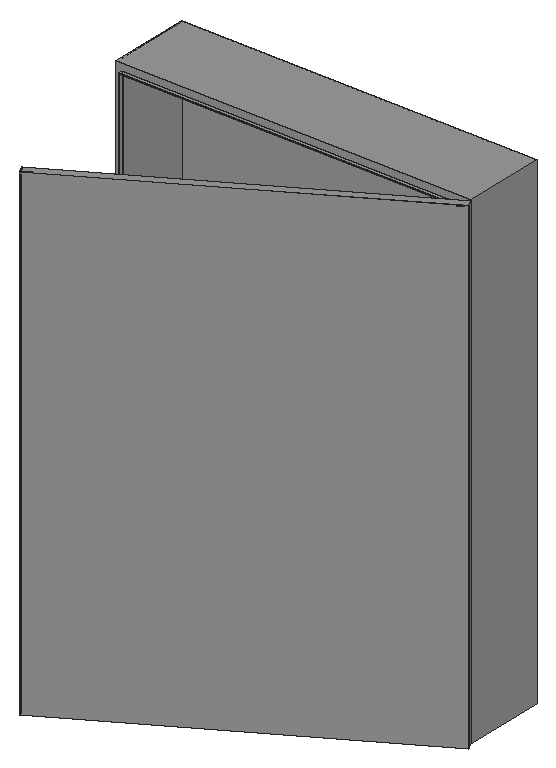
Revit family "Hager-Univers-IP44-D205-H1100-Cl.II-Encl-NoHosted-BE-fr", category Electrical Equipment, Revit 2020
Family settings
  Panel Configuration = Two Columns, Circuits Across
  Round Connector Dimension = Use Diameter
  Part Type = Panelboard
  Work Plane-Based = Yes
  Always vertical = Yes
  Cut with Voids When Loaded = No
  Shared = No
  Room Calculation Point = No
Parameters (values of type "saillie IP44 L800 H1100 P205  - FP73QS")
  Width Control [instance] = if([EF000008 - largeur] > Min Width, [EF000008 - largeur], Min Width)  # 800 mm
  Type Comments = [HG000003 - Gamme]  # "Univers"
  Thickness Door [instance] = if([EF009171 - épaisseur de matériau de la porte/du couvercle] > 3 mm, 3 mm, [EF009171 - épaisseur de matériau de la porte/du couvercle])  # 1 mm
  Seal Frame Offset [instance] = 17 mm  # constant formula
  Plinth Visibility [instance] = [HG000027 - Hauteur du socle] > 0 mm  # no
  Min Width [instance] = 100 mm  # constant formula
  Min Depth [instance] = (2 * [EF009170 - épaisseur de matériau du boîtier]) + 1 mm  # 3 mm
  Min Height [instance] = 100 mm  # constant formula
  Internal Frame Depth [instance] = (Door System Depth * 0.5)  # 9 mm
  Panel Name [instance] = ""  # (empty or 0)
  Model = ""
  HG000027 - Hauteur du socle = 0 mm
  HG000026 - Installation au sol = no
  HG000024 - Hauteur de la section basse = 600 mm
  HG000023 - Armoire double section = no
  HG000016 - Visibilité de la porte 3D [instance] = yes
  HG000015 - Visibilité de l'emprise de la porte [instance] = no
  HG000014 - Porte à droite [instance] = yes
  HG000013 - Porte à gauche [instance] = not([HG000014 - Porte à droite])  # no
  HG000012 - Angle de pivotement de la porte [instance] = 30.00°
  HG000010 - Portes asymétriques = no
  HG000009 - Porte à double battant = no
  HG000006 - Encastré = no
  HG000004 - Référence fabricant = "FP73QS"
  HG000003 - Gamme = "Univers"
  HG000002 - avec porte = yes
  Frame Offset Bottom [instance] = 10 mm  # constant formula
  Frame Offset [instance] = 15 mm  # constant formula
  EF015940 - couvercle avec décharge de pression = no
  EF011959 - degré de protection (NEMA) = ""
  EF009554 - nombre d'ouvertures pour plaques à bride = 6
  EF009212 - finition du couvercle = "EV000116 - fermé"
  EF009171 - épaisseur de matériau de la porte/du couvercle = 1 mm
  EF009170 - épaisseur de matériau du boîtier = 1 mm
  EF008873 - courant nominal (In) = 250 A
  EF007800 - adapté à un parafoudre = no
  EF006306 - avec serrure = no
  EF006244 - couvercle/porte transparent(e) = no
  EF005474 - indice de protection (IP) = "EV006418 - IP44"
  EF004464 - type de porte = "EV002646 - unique"
  EF004427 - nombre de modules = 252
  EF004293 - indice de protection contre les chocs (IK) = "EV006815 - IK09"
  EF003532 - convient pour utilisation à l’extérieur = no
  EF002950 - largeur en nombre de modules = 36
  EF001613 - maintien de fonction = "EV000494 - sans"
  EF001596 - matériau du boîtier/corps = "EV000179 - acier"
  EF001131 - profondeur intérieure = 143 mm
  EF001088 - possibilité de montage en saillie = yes
  EF000437 - nombre d'entrées de conduit = 6
  EF000339 - type de capot = "EV001012 - couvercle"
  EF000266 - nombre de rangées = 7
  EF000218 - profondeur d'encastrement = 0 mm
  EF000118 - avec cadre/support de montage = no
  EF000116 - numéro RAL = "9010"
  EF000049 - profondeur = 205 mm
  EF000040 - hauteur = 1100 mm
  EF000008 - largeur = 800 mm
  EF000007 - couleur = "EV000202 - blanc"
  EF000003 - mode de pose = "EV000384 - saillie"
  Door System Leaf Tolerance [instance] = 1.5 mm  # constant formula
  Door System Depth [instance] = 18 mm  # constant formula
  Door Height [instance] = Height Control - [HG000027 - Hauteur du socle]  # 1100 mm
  Description = ""
  Default Elevation = 1219.2 mm
  Connector Offset [instance] = Height Control / 2  # 550 mm
  Manufacturer = "Hager"  # constant formula
  Height Control [instance] = if([EF000040 - hauteur] > Min Height, [EF000040 - hauteur], Min Height)  # 1100 mm
  Depth Control [instance] = if([EF000049 - profondeur] > Min Depth, [EF000049 - profondeur], Min Depth)  # 205 mm
  Bottom Top Plate Trim [instance] = 1.5 mm  # constant formula
  Plinth height Ctrl [instance] = if([HG000027 - Hauteur du socle] > 0 mm, [HG000027 - Hauteur du socle], 12 mm)  # 12 mm
Types (5, lengths in mm): name | Width Control | HG000009 - Porte à double battant | HG000004 - Référence fabricant | EF009554 - nombre d'ouvertures pour plaques à bride | EF004464 - type de porte | EF004427 - nombre de modules | EF002950 - largeur en nombre de modules | EF000437 - nombre d'entrées de conduit | EF000008 - largeur
  saillie IP44 L1050 H1100 P205  - FP74QS | 1050 | yes | "FP74QS" | 8 | "EV003602 - double" | 336 | 48 | 8 | 1050
  saillie IP44 L1300 H1100 P205  - FP75QS | 1300 | yes | "FP75QS" | 10 | "EV003602 - double" | 420 | 60 | 10 | 1300
  saillie IP44 L300 H1100 P205  - FP71QS | 300 | no | "FP71QS" | 2 | "EV002646 - unique" | 84 | 12 | 2 | 300
  saillie IP44 L550 H1100 P205  - FP72QS | 550 | no | "FP72QS" | 4 | "EV002646 - unique" | 168 | 24 | 4 | 550
  saillie IP44 L800 H1100 P205  - FP73QS | 800 | no | "FP73QS" | 6 | "EV002646 - unique" | 252 | 36 | 6 | 800
Reference planes
  plane 1 "Center (Front/Back)": y = 0
  plane 2: z = 0
  plane 3 "Center (Left/Right)": x = 0
  plane 4: y = 0
  plane 5: y = 0
  plane 6: z = 0
  plane 7: x = -400
  plane 8: x = 400
  plane 9: x = 399
  plane 10: x = -399
  plane 11: z = 0
  plane 12: z = 1
  plane 13: y = -205
  plane 14: y = -1
  plane 15: x = 0
  plane 16: y = -187
  plane 17: y = -204
  plane 18: y = -186
  plane 19: x = -384
  plane 20: x = 384
  plane 21: z = 11
  plane 22: x = -383
  plane 23: x = 383
  plane 24: z = 0
  plane 25: z = 1100
  plane 26: z = 1100
  plane 27: z = 1084
  plane 28: z = 1099
Forms (mm)
  Extrusion 1, solid, material "Hager_Steel_RAL7035_Light_Grey", detail levels medium+fine
    sketch origin (-208.679, -4572, 0) x (-1, 0, 0) y (0, -1, 0)
      loop
        line (191.321, -4385) -> (-608.679, -4385) -> (-608.679, -4572) -> (191.321, -4572) -> (191.321, -4385)
    from 0 to 1100
  Extrusion 2, void
    sketch origin (-350.771, -205, 1219.2) x (1, 0, 0) y (0, 0, 1)
      loop
        line (-48.229, -120.2) -> (-48.229, -1218.2) -> (749.771, -1218.2) -> (749.771, -120.2) -> (-48.229, -120.2)
    from -19 to -204
  Extrusion 3, void
    sketch origin (-290.084, -187, 1219.2) x (1, 0, 0) y (0, 0, 1)
      loop
        line (-93.916, -1208.2) -> (674.084, -1208.2) -> (674.084, -135.2) -> (-93.916, -135.2) -> (-93.916, -1208.2)
    from 0 to -1
  Extrusion 4, solid, material "Hager_Steel_RAL7035_Light_Grey", visible <- "Plinth Visibility", detail levels medium+fine
    sketch origin (0, 0, 0) x (1, 0, 0) y (0, 1, 0)
      loop
        line (-400, 0) -> (-400, -187) -> (400, -187) -> (400, 0) -> (-400, 0)
    from 0 to 12 <- "Plinth height Ctrl"
  Extrusion 5, solid, material "Hager_Steel_RAL7035_Light_Grey", detail levels coarse
    sketch origin (0, 0, 0) x (1, 0, 0) y (0, 1, 0)
      loop
        line (-400, 0) -> (-400, -205) -> (400, -205) -> (400, 0) -> (-400, 0)
    from 0 to 1100 <- "Height Control"
  Sweep 6, void
    path in 3D
      loop
        line (-400, -187, 12) -> (400, -187, 12) -> (400, 0, 12) -> (-400, 0, 12) -> (-400, -187, 12)
    profile origin (-400, -93.5, 12) x (1, 0, 0) y (0, 0, 1)
      loop
        line (0, 0) -> (0, -1.5) -> (1.5, -1.5)
        arc (1.5, -1.5) -> (1.061, -0.439) -> (0, 0) r 1.5
  Extrusion 7, solid, material "Hager_Steel_RAL7035_Light_Grey", detail levels fine
    sketch origin (-400, -187, 0) x (1, 0, 0) y (0, 0, 1)
      loop
        line (16, 11) -> (784, 11) -> (784, 1084) -> (16, 1084) -> (16, 11)
      loop
        line (15, 10) -> (785, 10) -> (785, 1085) -> (15, 1085) -> (15, 10)
    from 0 to 9 <- "Internal Frame Depth"
Cuts and joins
  Extrusion 2, Extrusion 3 cuts Extrusion 1
  Sweep 6 cuts Extrusion 4
Lines and regions (mm)
  Masking region 1
    outline origin (0, 0, 0) x (1, 0, 0) y (0, 1, 0)
      loop
        line (-400, 0) -> (-400, -205) -> (400, -205) -> (400, 0) -> (-400, 0)
  Masking region 2, detail levels coarse
    outline origin (-290.084, -187, 1219.2) x (-1, 0, 0) y (0, 0, 1)
      loop
        line (-690.084, -1219.2) -> (109.916, -1219.2) -> (109.916, -119.2) -> (-690.084, -119.2) -> (-690.084, -1219.2)
  Masking region 3, detail levels coarse
    outline origin (0, 0, 0) x (0, 1, 0) y (0, 0, 1)
      loop
        line (0, 0) -> (0, 1100) -> (-205, 1100) -> (-205, 0) -> (0, 0)
  Masking region 4, visible <- "Plinth Visibility", detail levels medium+fine
    outline origin (0, 0, 0) x (0, 1, 0) y (0, 0, 1)
      loop
        line (-1.5, 12) -> (-185.5, 12)
        arc (-185.5, 12) -> (-185.939, 10.939) -> (-187, 10.5) r 1.5
        line (-187, 10.5) -> (-187, 0) -> (0, 0) -> (0, 10.5)
        arc (0, 10.5) -> (-1.061, 10.939) -> (-1.5, 12) r 1.5
  Masking region 5, detail levels medium+fine
    outline origin (0, 0, 594.038) x (0, 1, 0) y (0, 0, 1)
      loop
        line (0, -594.038) -> (0, 505.962) -> (-187, 505.962) -> (-187, -594.038) -> (0, -594.038)
  Masking region 6, detail levels medium+fine
    outline origin (-359.7, -187, 1211.883) x (-1, 0, 0) y (0, 0, 1)
      loop
        line (-759.7, -1211.883) -> (40.3, -1211.883) -> (40.3, -111.883) -> (-759.7, -111.883) -> (-759.7, -1211.883)
  Masking region 7, visible <- "Plinth Visibility", detail levels medium+fine
    outline origin (-320.334, -187, 1041.368) x (-1, 0, 0) y (0, 0, 1)
      loop
        line (-720.334, -1041.368) -> (79.666, -1041.368) -> (79.666, -1030.868)
        arc (79.666, -1030.868) -> (78.606, -1030.429) -> (78.166, -1029.368) r 1.5
        line (78.166, -1029.368) -> (-718.834, -1029.368)
        arc (-718.834, -1029.368) -> (-719.273, -1030.429) -> (-720.334, -1030.868) r 1.5
        line (-720.334, -1030.868) -> (-720.334, -1041.368)
  sketch lines
    curve 1: line (-400, 0, 12) -> (-400, -187, 12)
    curve 2: line (-400, -187, 12) -> (400, -187, 12)
    curve 3: line (400, 0, 12) -> (-400, 0, 12)
    curve 4: line (400, -187, 12) -> (400, 0, 12)
Dimensions and locks
  locked: plane 1 "Center (Front/Back)" to plane 5
  "EF009170 - épaisseur de matériau du boîtier": plane 7 to plane 10
  "EF009170 - épaisseur de matériau du boîtier": plane 8 to plane 9
  equal spacing: plane 7, plane 3 "Center (Left/Right)", plane 8
  "Width Control": plane 7 to plane 8
  "Depth Control": plane 4 to plane 13
  "EF009170 - épaisseur de matériau du boîtier": plane 4 to plane 14
  "Height Control": plane 25 to level
  "HG000027 - Hauteur du socle": plane 11 to level
  "EF009170 - épaisseur de matériau du boîtier": plane 12 to plane 11
  "EF009170 - épaisseur de matériau du boîtier": plane 17 to plane 13
  "EF009170 - épaisseur de matériau du boîtier": plane 18 to plane 16
  "Frame Offset Bottom": plane 21 to plane 12
  "Frame Offset": plane 10 to plane 19
  "Frame Offset": plane 9 to plane 20
  "Door System Depth": plane 16 to plane 13
  "Seal Frame Offset": plane 7 to plane 22
  "Seal Frame Offset": plane 8 to plane 23
  "EF009170 - épaisseur de matériau du boîtier": plane 26 to plane 28
  "Frame Offset": plane 28 to plane 27
  "Connector Offset": plane 2 to connector elem
  "Bottom Top Plate Trim": profile plane to Sweep 6 sketch curve
  "Bottom Top Plate Trim": Sweep 6 sketch curve to Sweep 6 sketch curve
  "Plinth height Ctrl": Masking region 4 sketch curve to level
  "Plinth height Ctrl": Masking region 7 sketch curve to level
  "Thickness Door": Extrusion 7 sketch curve to Extrusion 7 sketch curve  (x4)
  "Bottom Top Plate Trim": radius of Sweep 6 sketch curve
  "Bottom Top Plate Trim": radius of Masking region 4 sketch curve  (x2)
  "Bottom Top Plate Trim": radius of Masking region 7 sketch curve  (x2)
  aligned and locked: Extrusion 2 sketch curve to plane 12
  aligned and locked: Extrusion 2 sketch curve to plane 9
  aligned and locked: Extrusion 2 sketch curve to plane 10
  aligned and locked: Extrusion 2 to plane 14
  aligned and locked: Extrusion 1 sketch curve to plane 4
  aligned and locked: plane 8 to Extrusion 1 sketch curve
  aligned and locked: plane 7 to Extrusion 1 sketch curve
  aligned and locked: Extrusion 2 to plane 18
  aligned and locked: Extrusion 3 sketch curve to plane 19
  aligned and locked: plane 20 to Extrusion 3 sketch curve
  aligned and locked: Extrusion 3 to Extrusion 2
  aligned and locked: Extrusion 3 sketch curve to plane 21
  aligned and locked: plane 3 "Center (Left/Right)" to nested 1
  aligned and locked: Extrusion 1 sketch curve to plane 16
  aligned and locked: Extrusion 4 sketch curve to cut or joined group of Extrusion 1, Extrusion 2, Extrusion 3
  aligned and locked: Masking region 1 sketch curve to plane 7
  aligned and locked: Masking region 1 sketch curve to plane 5
  aligned and locked: Masking region 1 sketch curve to plane 8
  aligned and locked: Masking region 2 sketch curve to level
  aligned and locked: level to Masking region 3 sketch curve
  aligned and locked: plane 1 "Center (Front/Back)" to Masking region 3 sketch curve
  aligned and locked: plane 13 to Masking region 3 sketch curve
  aligned and locked: plane 5 to Masking region 4 sketch curve
  aligned and locked: Masking region 2 sketch curve to plane 8
  aligned and locked: Masking region 2 sketch curve to plane 7
  aligned and locked: plane 7 to nested 2
  aligned and locked: nested 2 to plane 5
  aligned and locked: plane 5 to Masking region 5 sketch curve
  aligned and locked: plane 26 to Masking region 5 sketch curve
  aligned and locked: Extrusion 5 sketch curve to plane 8
  aligned and locked: Extrusion 5 sketch curve to plane 7
  aligned and locked: Extrusion 5 sketch curve to plane 5
  aligned and locked: Extrusion 3 sketch curve to plane 27
  aligned and locked: Extrusion 2 sketch curve to plane 28
  aligned and locked: Masking region 2 to plane 25
  aligned and locked: Extrusion 4 to plane 16
  aligned and locked: profile plane to Sweep 6 sketch curve
  aligned and locked: Masking region 5 sketch curve to plane 24
  aligned and locked: level to Masking region 4 sketch curve
  aligned and locked: Masking region 1 to plane 13
  aligned and locked: nested 1 to plane 16
  aligned and locked: Masking region 3 to plane 25
  aligned and locked: plane 16 to Masking region 4 sketch curve
  aligned and locked: Masking region 5 sketch curve to plane 16
  aligned and locked: plane 24 to plane 11
  aligned and locked: plane 26 to plane 25
  aligned and locked: plane 26 to cut or joined group of Extrusion 1, Extrusion 2, Extrusion 3
  aligned and locked: nested 1 to plane 24
  aligned and locked: Extrusion 1 to Extrusion 3
  aligned and locked: Masking region 6 sketch curve to plane 8
  aligned and locked: Masking region 6 sketch curve to plane 24
  aligned and locked: Masking region 6 sketch curve to plane 7
  aligned and locked: Masking region 6 sketch curve to plane 26
  aligned and locked: Masking region 7 sketch curve to plane 7
  aligned and locked: level to Masking region 7 sketch curve
  aligned and locked: Masking region 7 sketch curve to plane 8
  aligned and locked: Extrusion 7 sketch curve to cut or joined group of Extrusion 1, Extrusion 2, Extrusion 3  (x4)
Automatic sketch dimensions
  plane 19 to Extrusion 3 sketch curve = 0 mm
  Extrusion 3 sketch curve to plane 20 = 0 mm
  Extrusion 3 sketch curve to plane 21 = 0 mm
  Extrusion 4 sketch curve to plane 7 = 0 mm
  Extrusion 4 sketch curve to plane 8 = 0 mm
  Extrusion 4 sketch curve to plane 16 = 0 mm
  Masking region 1 sketch curve to plane 13 = 0 mm
  Masking region 2 sketch curve to plane 25 = 0 mm
  Masking region 3 sketch curve to plane 25 = 0 mm
  Extrusion 5 sketch curve to plane 13 = 0 mm
  profile plane to Sweep 6 sketch curve = 0 mm
Nested families
  nested 1: "EC000058_Univers_Door" at (0, -187, 0), Double <- "HG000009 - Porte à double battant", Transparent <- "EF006244 - couvercle/porte transparent(e)", Angle <- "HG000012 - Angle de pivotement de la porte", Door_Right <- "HG000014 - Porte à droite", Assymetrical <- "HG000010 - Portes asymétriques", Door <- "HG000002 - avec porte", Width_Ctrl <- "Width Control", 3d_Door <- "HG000016 - Visibilité de la porte 3D", Clearance <- "HG000015 - Visibilité de l'emprise de la porte", Door_Left <- "HG000013 - Porte à gauche", Width <- "Width Control", Door_Depth <- "Door System Depth", Leaf_Tolerance <- "Door System Leaf Tolerance", Height <- "Door Height", Lock_Visibility <- "EF006306 - avec serrure", Thickness <- "Thickness Door", type "EC000058_Univers_Door", detail levels medium+fine
    with min_wh 3 mm, Width_Ctrl 800 mm, Width 800 mm, Transparent no, Thickness 1 mm, Seal_Material Hager_Rubber, Lock_Visibility no, Lock_Material Hager_Plastic_RAL9005_Jet_Black, Leaf_Width 800 mm, Leaf_Tolerance_External_Sides 0 mm, Leaf_Tolerance 1.5 mm, Leaf_Offset 0 mm, Leaf_Height 1097 mm, Leaf_2_Width 800 mm, Leaf_2_Offset 400 mm, Leaf_1_Width 800 mm, Leaf_1_Offset 400 mm, Height_Ctrl 1100 mm, Height 1100 mm, Glass_Material Hager_Glass, Double_Clearance_Ctrl no, Double no, Door_Right_Ctrl yes, Door_Right yes, Door_Material Hager_Steel_RAL7035_Light_Grey, Door_Left_Ctrl no, Door_Left no, Door_Depth 18 mm, Door yes, Clearance_Material Hager_Clearance, Clearance_Depth 800 mm, Clearance_Ctrl no, Clearance no, Assymetrical no, Angle 30.00°, 3d_Door yes
  nested 2: "Hager_Enclosure_Symbol" at (-400, 0, 0), Height <- "Depth Control", Width <- "Width Control", type "Hager_Enclosure_Symbol"
    with Width_Ctrl 800 mm, Width 800 mm, Height_Ctrl 205 mm, Height 205 mm, A_Width_Int 13.453 mm, A_Width 161.438 mm, A_Height_Ctrl 179.375 mm, A_Height 179.375 mm
Connectors
  electrical at (0, 0, 550)
    settings: on plane 1 "Center (Front/Back)", index 1, voltage 0 V, apparent load 0 VA, apparent load phase1 0 VA, apparent load phase2 0 VA, apparent load phase3 0 VA, power factor 1, load classification "Other", number of poles 1, system type 30, power factor state 1, is connector primary yes, connector utility no, sub classification motor no, connector description ""
Definition of nested family "EC000058_Univers_Door"
  Parameters (values of type "EC000058_Univers_Door")
    min_wh [instance] = (2 * Thickness) + 1 mm  # 11 mm
    Width_Ctrl [instance] = 400 mm
    Width [instance] = 500 mm
    Transparent [instance] = yes
    Thickness [instance] = 5 mm
    Seal_Material [instance] = none
    Lock_Visibility [instance] = yes
    Lock_Material [instance] = none
    Leaf_Width [instance] = if((Width_Ctrl - 2 * Leaf_Tolerance_External_Sides) > 0 mm, (Width_Ctrl - 2 * Leaf_Tolerance_External_Sides), min_wh)  # 400 mm
    Leaf_Tolerance_External_Sides [instance] = 0 mm  # constant formula
    Leaf_Tolerance [instance] = 1.5 mm
    Leaf_Offset [instance] = 0 mm  # constant formula
    Leaf_Height [instance] = if((Height_Ctrl - 2 * Leaf_Tolerance) > 0 mm, (Height_Ctrl - 2 * Leaf_Tolerance), min_wh)  # 497 mm
    Leaf_2_Width [instance] = if(and(and(Double, Assymetrical), Door_Left), (Leaf_Width / 3) - (Leaf_Tolerance / 2), if(and(and(Double, Assymetrical), Door_Right), (Leaf_Width / 3) * 2 - (Leaf_Tolerance / 2), if(and(Double, not(Assymetrical)), (Leaf_Width / 2) - Leaf_Tolerance, Leaf_Width)))  # 400 mm
    Leaf_2_Offset [instance] = if(and(Double, Assymetrical), Leaf_2_Width / 2, if(and(Double, not(Assymetrical)), Leaf_Width / 4, Leaf_Width / 2))  # 200 mm
    Leaf_1_Width [instance] = if(and(and(Double, Assymetrical), Door_Right), (Leaf_Width / 3) - (Leaf_Tolerance / 2), if(and(and(Double, Assymetrical), Door_Left), (Width / 3) * 2 - (Leaf_Tolerance / 2), if(and(Double, not(Assymetrical)), (Leaf_Width / 2) - Leaf_Tolerance, Leaf_Width)))  # 400 mm
    Leaf_1_Offset [instance] = if(and(Double, Assymetrical), Leaf_1_Width / 2, if(and(Double, not(Assymetrical)), Leaf_Width / 4, Leaf_Width / 2))  # 200 mm
    Height_Ctrl [instance] = if(Height > min_wh, Height, min_wh)  # 500 mm
    Height [instance] = 500 mm
    Glass_Material [instance] = none
    Double_Clearance_Ctrl [instance] = and(Double, Clearance)  # no
    Double [instance] = no
    Door_Right_Ctrl [instance] = and(or(Door_Right, Double), Door)  # yes
    Door_Right [instance] = yes
    Door_Material [instance] = none
    Door_Left_Ctrl [instance] = and(or(Door_Left, Double), Door)  # no
    Door_Left [instance] = no
    Door_Depth [instance] = 30 mm
    Door [instance] = yes
    Default Elevation = 1219.2 mm
    Clearance_Material [instance] = none
    Clearance_Depth [instance] = if(Leaf_1_Width > Leaf_2_Width, Leaf_1_Width, Leaf_2_Width)  # 400 mm
    Clearance_Ctrl [instance] = and(not(Double), Clearance)  # yes
    Clearance [instance] = yes
    Assymetrical [instance] = yes
    Angle [instance] = 30.00°
    3d_Door [instance] = yes
  Reference planes
    plane 1 "Center (Front/Back)": y = 0
    plane 2 "Bottom": z = 0
    plane 3 "Center (Left/Right)": x = 0
    plane 4: z = 500
    plane 5: x = -200
    plane 6: x = 200
    plane 7: z = 500
    plane 8: x = -200
    plane 9: z = 0
    plane 10: x = 200
    plane 11: y = 0
    plane 12: z = 1.5
    plane 13: x = -600
    plane 14: y = -400
    plane 15: x = 600
    plane 16: x = 0
    plane 17: x = 0
    plane 18: x = -200
    plane 19: x = 200
    plane 20: z = 498.5
  Forms (mm)
    Extrusion 1, solid, material <- "Clearance_Material", visible <- "Double_Clearance_Ctrl"
      sketch origin (1200, 0, 0) x (1, 0, 0) y (0, 0, -1)
        loop
          line (-1800, -498.5) -> (-600, -498.5) -> (-600, 0) -> (-1800, 0) -> (-1800, -498.5)
      from 0 to -400
  Dimensions and locks
    equal spacing: plane 5, plane 3 "Center (Left/Right)", plane 6
    "Width_Ctrl": plane 5 to plane 6
    "Leaf_Offset": plane 5 to plane 8
    "Leaf_Offset": plane 6 to plane 10
    "Leaf_Offset": plane 9 to level
    "Leaf_Offset": plane 4 to plane 7
    "Height_Ctrl": plane 4 to level
    "Leaf_Tolerance": plane 12 to plane 9
    locked: plane 11 to plane 1 "Center (Front/Back)"
    "Leaf_1_Offset": plane 18 to plane 16
    "Leaf_2_Offset": plane 17 to plane 19
    "Leaf_1_Width": plane 13 to plane 8
    "Leaf_2_Width": plane 10 to plane 15
    "Clearance_Depth": plane 14 to plane 1 "Center (Front/Back)"
    "Leaf_Tolerance_External_Sides": plane 8 to plane 18
    "Leaf_Tolerance_External_Sides": plane 19 to plane 10
    "Leaf_Tolerance": plane 7 to plane 20
    aligned and locked: level to plane 2 "Bottom"
    aligned and locked: nested 1 to plane 16
    aligned and locked: nested 2 to plane 17
    aligned and locked: Extrusion 1 to plane 13
    aligned and locked: plane 15 to Extrusion 1
    aligned and locked: Extrusion 1 to plane 14
    aligned and locked: plane 12 to nested 1
    aligned and locked: nested 2 to plane 12
    aligned and locked: Extrusion 1 to plane 11
    aligned and locked: plane 20 to Extrusion 1
    aligned and locked: nested 2 to plane 11
    aligned and locked: nested 1 to plane 11
  Automatic sketch dimensions
    Extrusion 1 sketch curve to level = 0 mm
    plane 5 to Extrusion 1 sketch curve = 400 mm
    plane 6 to Extrusion 1 sketch curve = 400 mm
    Extrusion 1 sketch curve to plane 4 = 1.5 mm
  Nested families
    nested 1: "EC000058_Univers_Door_Leaf" at (0, 0, 1.5), Width <- "Leaf_1_Width", visible <- "Door_Left_Ctrl", Leaf_Height <- "Leaf_Height", Angle <- "Angle", 3d_Door <- "3d_Door", Transparent <- "Transparent", Clearance Material <- "Clearance_Material", Clearance <- "Clearance_Ctrl", Door_Material <- "Door_Material", Glass_Material <- "Glass_Material", Door_Depth <- "Door_Depth", Lock_Material <- "Lock_Material", Seal_Material <- "Seal_Material", Lock_Visibility <- "Lock_Visibility", Thickness <- "Thickness", type "EC000058_Univers_Door_Leaf"
      with Width 400 mm, Transparent_Glass_Offset 30 mm, Transparent_Ctrl yes, Transparent yes, Thickness 5 mm, Standard no, Seal_Material none, Seal_D2 8 mm, Seal_D1 1 mm, Offset_Internal_Frame 10 mm, Lock_Width 20 mm, Lock_Visibility_3d yes, Lock_Visibility yes, Lock_Thickness_3 3 mm, Lock_Thickness_2 1 mm, Lock_Thickness_1 3 mm, Lock_Radius_Offset_2 16 mm, Lock_Radius_Offset_1 15 mm, Lock_Radius_2 5 mm, Lock_Radius 6 mm, Lock_Offset 5 mm, Lock_Material none, Lock_Height 80 mm, Lock_Cover_Top_Offset_2d 17 mm, Lock_Cover_Height -65 mm, Leaf_Height 497 mm, Internal_Seal_Thickness 8 mm, Internal_Seal_Depth_2 4.5 mm, Internal_Frame_Depth 25 mm, Glass_Thickness -1 mm, Glass_Offset -2 mm, Glass_Material none, Door_Material none, Door_Depth 30 mm, Clearance Material none, Clearance yes, Angle_Ctrl 30.00°, Angle 30.00°, 3d_Door yes
    nested 2: "EC000058_Univers_Door_Leaf" at (0, 0, 1.5) x (-1, 0, 0) z (0, 0, 1), Width <- "Leaf_2_Width", visible <- "Door_Right_Ctrl", Leaf_Height <- "Leaf_Height", Angle <- "Angle", 3d_Door <- "3d_Door", Transparent <- "Transparent", Clearance Material <- "Clearance_Material", Clearance <- "Clearance_Ctrl", Door_Material <- "Door_Material", Glass_Material <- "Glass_Material", Door_Depth <- "Door_Depth", Lock_Material <- "Lock_Material", Seal_Material <- "Seal_Material", Lock_Visibility <- "Lock_Visibility", Thickness <- "Thickness", type "EC000058_Univers_Door_Leaf"
      with Width 400 mm, Transparent_Glass_Offset 30 mm, Transparent_Ctrl yes, Transparent yes, Thickness 5 mm, Standard no, Seal_Material none, Seal_D2 8 mm, Seal_D1 1 mm, Offset_Internal_Frame 10 mm, Lock_Width 20 mm, Lock_Visibility_3d yes, Lock_Visibility yes, Lock_Thickness_3 3 mm, Lock_Thickness_2 1 mm, Lock_Thickness_1 3 mm, Lock_Radius_Offset_2 16 mm, Lock_Radius_Offset_1 15 mm, Lock_Radius_2 5 mm, Lock_Radius 6 mm, Lock_Offset 5 mm, Lock_Material none, Lock_Height 80 mm, Lock_Cover_Top_Offset_2d 17 mm, Lock_Cover_Height -65 mm, Leaf_Height 497 mm, Internal_Seal_Thickness 8 mm, Internal_Seal_Depth_2 4.5 mm, Internal_Frame_Depth 25 mm, Glass_Thickness -1 mm, Glass_Offset -2 mm, Glass_Material none, Door_Material none, Door_Depth 30 mm, Clearance Material none, Clearance yes, Angle_Ctrl 30.00°, Angle 30.00°, 3d_Door yes
  Definition of nested family "EC000058_Univers_Door_Leaf"
    Parameters (values of type "EC000058_Univers_Door_Leaf")
      Width [instance] = 2000 mm
      Transparent_Glass_Offset [instance] = 30 mm
      Transparent_Ctrl [instance] = and(Transparent, [3d_Door])  # yes
      Transparent [instance] = yes
      Thickness [instance] = 5 mm
      Standard [instance] = and(not(Transparent), [3d_Door])  # no
      Seal_Material [instance] = none
      Seal_D2 [instance] = 8 mm  # constant formula
      Seal_D1 [instance] = 1 mm  # constant formula
      Offset_Internal_Frame [instance] = 10 mm  # constant formula
      Lock_Width [instance] = 20 mm  # constant formula
      Lock_Visibility_3d [instance] = and(Lock_Visibility, [3d_Door])  # yes
      Lock_Visibility [instance] = yes
      Lock_Thickness_3 [instance] = 3 mm  # constant formula
      Lock_Thickness_2 [instance] = 1 mm  # constant formula
      Lock_Thickness_1 [instance] = 3 mm  # constant formula
      Lock_Radius_Offset_2 [instance] = Lock_Radius_Offset_1 + 1 mm  # 16 mm
      Lock_Radius_Offset_1 [instance] = 15 mm  # constant formula
      Lock_Radius_2 [instance] = Lock_Radius - 1 mm  # 5 mm
      Lock_Radius [instance] = 6 mm  # constant formula
      Lock_Offset [instance] = 5 mm  # constant formula
      Lock_Material [instance] = none
      Lock_Height [instance] = 80 mm  # constant formula
      Lock_Cover_Top_Offset_2d [instance] = Lock_Radius_Offset_2 + 1 mm  # 17 mm
      Lock_Cover_Height [instance] = -(Lock_Height - Lock_Radius_Offset_1)  # -65 mm
      Leaf_Height [instance] = 2720.336 mm
      Internal_Seal_Thickness [instance] = 8 mm  # constant formula
      Internal_Seal_Depth_2 [instance] = 4.5 mm  # constant formula
      Internal_Frame_Depth [instance] = if(Door_Depth - Thickness > 5 mm, Door_Depth - Thickness, 5 mm)  # 25 mm
      Glass_Thickness [instance] = if(Thickness > 15 mm, Glass_Offset + 10 mm, -1 mm)  # -1 mm
      Glass_Offset [instance] = if(Thickness > 15 mm, -(Thickness + 10 mm) / 2, -2 mm)  # -2 mm
      Glass_Material [instance] = none
      Door_Material [instance] = none
      Door_Depth [instance] = 30 mm
      Default Elevation = 0 mm
      Clearance Material [instance] = none
      Clearance [instance] = yes
      Angle_Ctrl [instance] = if(Angle > 180.00°, 180.00°, Angle)  # 90.00°
      Angle [instance] = 90.00°
      3d_Door [instance] = yes
    Reference planes
      plane 1 "Center (Front/Back)": y = 0
      plane 2: z = 0
      plane 3 "Center (Left/Right)": x = 0
      plane 4: y = 2000
      plane 5: x = -1000
      plane 6: x = 1000
      plane 7: x = -3000
      plane 8: z = 2720.336
      plane 9: z = 30
      plane 10: z = 2690.336
      plane 11: x = 970
      plane 12: x = -970
      plane 13: y = -3
      plane 14: z = 107.833
      plane 15: y = -5
      plane 16: y = -223.314
      plane 17: x = -1000
      plane 18: z = 1360.168
      plane 19: y = 30
    Forms (mm)
      Extrusion 1, solid, material <- "Clearance Material", visible <- "Clearance"
        sketch origin (0, 0, 0) x (1, 0, 0) y (0, 0, 1)
          loop
            line (-3000, 2720.336) -> (-3000, 0) -> (1000, 0) -> (1000, 2720.336) -> (-3000, 2720.336)
        from 0 to -2000
      Extrusion 2, solid, material <- "Door_Material", visible <- "Standard", detail levels medium+fine
        sketch origin (-1000, 0, 0) x (0, 1, 0) y (-1, 0, 0)
          loop
            line (0, 30) -> (0, 25) -> (2000, 25) -> (2000, 30) -> (0, 30)
        from 0 to 2720.336 <- "Leaf_Height"
      Extrusion 3, solid, material <- "Door_Material", visible <- "Transparent_Ctrl", detail levels medium+fine
        sketch origin (-1000, 0, 0) x (0, 1, 0) y (-1, 0, 0)
          loop
            line (0, 25) -> (2000, 25) -> (2000, 30) -> (0, 30) -> (0, 25)
        from 0 to 2720.336 <- "Leaf_Height"
      Extrusion 4, void
        sketch origin (-1025, 2000, 0) x (0, 1, 0) y (0, 0, -1)
          loop
            line (-30, -2690.336) -> (-30, -30) -> (-1970, -30) -> (-1970, -2690.336) -> (-30, -2690.336)
        from 0 to 5 <- "Thickness"
      Sweep 5, solid, material <- "Seal_Material", visible <- "Transparent_Ctrl", detail levels fine
        path in 3D
          loop
            line (-1025, 30, 30) -> (-1025, 30, 2690.336) -> (-1025, 1970, 2690.336) -> (-1025, 1970, 30) -> (-1025, 30, 30)
        profile origin (-1025, 1000, 30) x (1, 0, 0) y (0, 0, 1)
          loop
            line (0, 0) -> (0, -8) -> (1, -8) -> (1, 0) -> (0, 0)
      Extrusion 6, solid, material <- "Glass_Material", visible <- "Transparent_Ctrl", detail levels medium+fine
        sketch origin (-1030, 0, 0) x (0, 1, 0) y (0, 0, -1)
          loop
            line (1970, -2690.336) -> (1970, -30) -> (30, -30) -> (30, -2690.336) -> (1970, -2690.336)
        from -2 <- "Glass_Offset" to -1 <- "Glass_Thickness"
      Extrusion 7, solid, material <- "Door_Material", visible <- "3d_Door", detail levels medium+fine
        sketch origin (-1025, 2000, 0) x (0, -1, 0) y (0, 0, -1)
          loop
            line (0, -2720.336) -> (2000, -2720.336) -> (2000, 0) -> (0, 0) -> (0, -2720.336)
          loop
            line (1995, -5) -> (5, -5) -> (5, -2715.336) -> (1995, -2715.336) -> (1995, -5)
        from 0 to 25 <- "Internal_Frame_Depth"
      Sweep 8, solid, material <- "Seal_Material", visible <- "Transparent_Ctrl", detail levels fine
        path in 3D
          loop
            line (-1025, 0, 0) -> (-1025, 2000, 0) -> (-1025, 2000, 2720.336) -> (-1025, 0, 2720.336) -> (-1025, 0, 0)
        profile origin (-1025, 0, 1360.168) x (1, 0, 0) y (0, 1, 0)
          loop
            line (0, 10) -> (2.975, 10)
            arc (2.975, 10) -> (4.053, 10.447) -> (4.5, 11.525) r 1.525
            line (4.5, 11.525) -> (4.5, 16.527)
            arc (4.5, 16.527) -> (4.069, 17.569) -> (3.027, 18) r 1.473
            line (3.027, 18) -> (0, 18) -> (0, 10)
      Extrusion 9, solid, material <- "Lock_Material", visible <- "Lock_Visibility_3d", detail levels fine
        sketch origin (-1030, 0, 0) x (0, 1, 0) y (0, 0, -1)
          loop
            arc (1993.5, -1400.168) -> (1994.561, -1399.729) -> (1995, -1398.668) r 1.5
            line (1995, -1398.668) -> (1995, -1320.168) -> (1975, -1320.168) -> (1975, -1398.668)
            arc (1975, -1398.668) -> (1975.439, -1399.729) -> (1976.5, -1400.168) r 1.5
            line (1976.5, -1400.168) -> (1993.5, -1400.168)
        from 3 <- "Lock_Thickness_1" to 0
      Blend 10, solid, material <- "Lock_Material", visible <- "Lock_Visibility_3d", detail levels fine
        base sketch origin (-1033, 0, 0) x (0, 1, 0) y (0, 0, -1)
          loop
            line (1975, -1320.168) -> (1975, -1398.668)
            arc (1975, -1398.668) -> (1975.439, -1399.729) -> (1976.5, -1400.168) r 1.5
            line (1976.5, -1400.168) -> (1993.5, -1400.168)
            arc (1993.5, -1400.168) -> (1994.561, -1399.729) -> (1995, -1398.668) r 1.5
            line (1995, -1398.668) -> (1995, -1320.168) -> (1975, -1320.168)
        top sketch origin (-1033, 0, 0) x (0, 1, 0) y (0, 0, -1)
          loop
            line (1976, -1320.168) -> (1976, -1398.668)
            arc (1976, -1398.668) -> (1976.146, -1399.022) -> (1976.5, -1399.168) r 0.5
            line (1976.5, -1399.168) -> (1993.5, -1399.168)
            arc (1993.5, -1399.168) -> (1993.854, -1399.022) -> (1994, -1398.668) r 0.5
            line (1994, -1398.668) -> (1994, -1320.168) -> (1976, -1320.168)
        from 0 to 1 <- "Lock_Thickness_2"
      Blend 11, solid, material <- "Lock_Material", visible <- "Lock_Visibility_3d", detail levels fine
        base sketch origin (-1034, 0, 0) x (0, 1, 0) y (0, 0, -1)
          loop
            line (1978, -1320.168) -> (1978, -1384.168)
            arc (1978, -1384.168) -> (1985, -1391.168) -> (1992, -1384.168) r 7
            line (1992, -1384.168) -> (1992, -1320.168) -> (1978, -1320.168)
        top sketch origin (-1034, 0, 0) x (0, 1, 0) y (0, 0, -1)
          loop
            line (1991, -1320.168) -> (1979, -1320.168) -> (1979, -1383.168)
            arc (1979, -1383.168) -> (1985, -1389.168) -> (1991, -1383.168) r 6
            line (1991, -1383.168) -> (1991, -1320.168)
        from 0 to 3 <- "Lock_Thickness_3"
      Extrusion 12, solid, material <- "Lock_Material", visible <- "Lock_Visibility_3d", detail levels fine
        sketch origin (-1030, 1975, 1320.168) x (1, 0, 0) y (0, -1, 0)
          loop
            line (-7, -19) -> (-7, -1) -> (0, -1) -> (0, 0) -> (-8, 0) -> (-8, -20) -> (0, -20) -> (0, -19) -> (-7, -19)
        from 0 to -65 <- "Lock_Cover_Height"
      Extrusion 13, void
        sketch origin (-1038, 1995, 1320.168) x (-1, 0, 0) y (0, 0, -1)
          loop
            line (-5, -65) -> (0, -65) -> (-5, -60) -> (-5, -65)
        from 0 to 20 <- "Lock_Width"
      Extrusion 14, void
        sketch origin (-1038, 1975, 1320.168) x (0, -1, 0) y (0, 0, -1)
          loop
            circle (-10, -15.995) r 6
          loop
            circle (-10, -15.995) r 5
        from 0 to 2
      Extrusion 15, solid, material <- "Lock_Material", visible <- "Lock_Visibility_3d", detail levels medium
        sketch origin (-1030, 0, 0) x (0, 1, 0) y (0, 0, -1)
          loop
            arc (1993.5, -1400.168) -> (1994.561, -1399.729) -> (1995, -1398.668) r 1.5
            line (1995, -1398.668) -> (1995, -1320.168) -> (1975, -1320.168) -> (1975, -1398.668)
            arc (1975, -1398.668) -> (1975.439, -1399.729) -> (1976.5, -1400.168) r 1.5
            line (1976.5, -1400.168) -> (1993.5, -1400.168)
        from 8 to 0
    Cuts and joins
      Extrusion 4 cuts Extrusion 3
      Extrusion 13, Extrusion 14 cuts Extrusion 9
      Extrusion 14 cuts Blend 11
      Extrusion 13, Extrusion 14 cuts Extrusion 12
      joined: Extrusion 9, Blend 10, Blend 11, Extrusion 12
      Extrusion 14 cuts Extrusion 15
    Lines and regions (mm)
      Masking region 1, visible <- "Lock_Visibility", detail levels fine
        outline origin (0, 0, 0) x (0, 1, 0) y (0, 0, 1)
          loop
            line (30, 1320.168) -> (33, 1320.168) -> (33, 1400.168) -> (30, 1400.168) -> (30, 1320.168)
      Masking region 2, visible <- "Lock_Visibility", detail levels fine
        outline origin (0, 3.143, 0) x (0, 1, 0) y (0, 0, 1)
          loop
            line (29.857, 1354.168) -> (30.857, 1354.168) -> (30.857, 1366.168) -> (29.857, 1366.168) -> (29.857, 1354.168)
      Masking region 3, detail levels medium+fine
        outline origin (0, 0, 0) x (0, 1, 0) y (0, 0, 1)
          loop
            line (0, 0) -> (30, 0) -> (30, 2720.336) -> (0, 2720.336) -> (0, 0)
      Masking region 4, detail levels medium+fine
        outline origin (0, 0, 0) x (1, 0, 0) y (0, 0, 1)
          loop
            line (-1000, 2720.336) -> (-1000, 0) -> (1000, 0) -> (1000, 2720.336) -> (-1000, 2720.336)
      Masking region 5, visible <- "Lock_Visibility", detail levels fine
        outline origin (-47.116, 0, 0) x (1, 0, 0) y (0, 0, 1)
          loop
            arc (1024.616, 1399.168) -> (1023.556, 1398.729) -> (1023.116, 1397.668) r 1.5
            line (1023.116, 1397.668) -> (1023.116, 1320.168) -> (1041.116, 1320.168) -> (1041.116, 1397.668)
            arc (1041.116, 1397.668) -> (1040.677, 1398.729) -> (1039.616, 1399.168) r 1.5
            line (1039.616, 1399.168) -> (1024.616, 1399.168)
      Masking region 6, visible <- "Lock_Visibility", detail levels medium+fine
        outline origin (-25, 0, 0) x (1, 0, 0) y (0, 0, 1)
          loop
            arc (1001.5, 1400.168) -> (1000.439, 1399.729) -> (1000, 1398.668) r 1.5
            line (1000, 1398.668) -> (1000, 1320.168) -> (1020, 1320.168) -> (1020, 1398.668)
            arc (1020, 1398.668) -> (1019.561, 1399.729) -> (1018.5, 1400.168) r 1.5
            line (1018.5, 1400.168) -> (1001.5, 1400.168)
      Masking region 7, visible <- "Lock_Visibility", detail levels fine
        outline origin (-73.735, 0, 0) x (1, 0, 0) y (0, 0, 1)
          loop
            line (1051.735, 1382.168) -> (1065.735, 1382.168) -> (1065.735, 1384.168)
            arc (1065.735, 1384.168) -> (1058.735, 1391.168) -> (1051.735, 1384.168) r 7
            line (1051.735, 1384.168) -> (1051.735, 1382.168)
      Masking region 8, visible <- "Lock_Visibility", detail levels fine
        outline origin (-73.735, 0, 0) x (1, 0, 0) y (0, 0, 1)
          loop
            line (1052.735, 1382.168) -> (1064.735, 1382.168) -> (1064.735, 1383.168)
            arc (1064.735, 1383.168) -> (1058.735, 1389.168) -> (1052.735, 1383.168) r 6
            line (1052.735, 1383.168) -> (1052.735, 1382.168)
      Masking region 9, visible <- "Lock_Visibility", detail levels fine
        outline origin (-25, 0, 0) x (1, 0, 0) y (0, 0, 1)
          loop
            line (1020, 1320.168) -> (1020, 1382.168) -> (1000, 1382.168) -> (1000, 1320.168) -> (1020, 1320.168)
      Masking region 10, detail levels medium+fine
        outline origin (0, 0, 0) x (1, 0, 0) y (0, 0, 1)
          loop
            circle (985, 1335.144) r 6
      Masking region 11, detail levels fine
        outline origin (0, 0, 0) x (1, 0, 0) y (0, 0, 1)
          loop
            circle (985, 1335.144) r 5
      Masking region 12, visible <- "Lock_Visibility", detail levels fine
        outline origin (0, 12.767, 0) x (0, 1, 0) y (0, 0, 1)
          loop
            line (20.233, 1320.168) -> (21.233, 1320.168) -> (21.233, 1399.168) -> (20.233, 1400.168) -> (20.233, 1320.168)
      Masking region 13, visible <- "Lock_Visibility", detail levels fine
        outline origin (0, 13.767, -10) x (0, 1, 0) y (0, 0, 1)
          loop
            line (20.233, 1330.168) -> (23.233, 1330.168) -> (23.233, 1399.168) -> (20.233, 1402.168) -> (20.233, 1330.168)
      Masking region 14, visible <- "Lock_Visibility", detail levels fine
        outline origin (0, 12.767, -10) x (0, 1, 0) y (0, 0, 1)
          loop
            line (20.233, 1330.168) -> (25.233, 1330.168) -> (25.233, 1399.305) -> (20.233, 1394.305) -> (20.233, 1330.168)
      Masking region 15, visible <- "Lock_Visibility", detail levels medium
        outline origin (0, 0, 0) x (0, 1, 0) y (0, 0, 1)
          loop
            line (30, 1320.168) -> (38, 1320.168) -> (38, 1400.168) -> (30, 1400.168) -> (30, 1320.168)
      Masking region 16, visible <- "Lock_Visibility", detail levels fine
        outline origin (-1000, 0, 0) x (0, 1, 0) y (-1, 0, 0)
          loop
            line (1975, 30) -> (1995, 30) -> (1995, 38) -> (1975, 38) -> (1975, 30)
          loop
            line (1979, 37) -> (1976, 37) -> (1976, 34) -> (1978, 34) -> (1979, 37)
          loop
            line (1994, 37) -> (1991, 37) -> (1992, 34) -> (1994, 34) -> (1994, 37)
      Masking region 17, visible <- "Lock_Visibility", detail levels medium
        outline origin (-1000, 0, 0) x (0, 1, 0) y (-1, 0, 0)
          loop
            line (1975, 30) -> (1995, 30) -> (1995, 38) -> (1975, 38) -> (1975, 30)
      symbolic lines
        curve 1: line (1000, 0, 0) -> (-3000, 0, 0)
        curve 2: arc (1000, 0, 0) -> (-1000, 2000, 0) -> (-3000, 0, 0) r 2000
        curve 4: line (-1030, 0, 0) -> (-1030, 2000, 0)
      reference lines
        curve 3: line (-1000, 0, 0) -> (-1000, 2000, 0)
      symbolic lines, detail levels medium+fine
        curve 5: line (-1030, 2000, 0) -> (-1025, 2000, 0)
        curve 7: line (-1025, 0, 0) -> (-1030, 0, 0)
        curve 8: line (-1025, 0, 0) -> (-1000, 0, 0)
        curve 9: line (-1000, 0, 0) -> (-1000, 2000, 0)
        curve 10: line (-1000, 2000, 0) -> (-1025, 2000, 0)
      symbolic lines, detail levels fine
        curve 6: line (-1025, 2000, 0) -> (-1025, 0, 0)
      sketch lines
        curve 11: line (-1025, 0, 2720.336) -> (-1025, 0, 0)
        curve 12: line (-1025, 2000, 0) -> (-1025, 0, 0)
        curve 13: line (-1025, 2000, 2720.336) -> (-1025, 2000, 0)
        curve 14: line (-1025, 0, 2720.336) -> (-1025, 2000, 2720.336)
        curve 15: line (-1025, 1970, 30) -> (-1025, 30, 30)
        curve 16: line (-1025, 30, 30) -> (-1025, 30, 2690.336)
        curve 17: line (-1025, 1970, 2690.336) -> (-1025, 1970, 30)
        curve 18: line (-1025, 30, 2690.336) -> (-1025, 1970, 2690.336)
      symbolic lines, visible <- "Transparent", detail levels medium+fine
        curve 19: line (-970, 0, 2690.336) -> (970, 0, 2690.336)
        curve 20: line (-970, 0, 30) -> (-970, 0, 2690.336)
        curve 21: line (970, 0, 30) -> (-970, 0, 30)
        curve 22: line (970, 0, 2690.336) -> (970, 0, 30)
    Dimensions and locks
      "Width": plane 1 "Center (Front/Back)" to plane 4
      equal spacing: plane 5, plane 3 "Center (Left/Right)", plane 6
      "Width": plane 5 to plane 6
      "Width": plane 7 to plane 5
      "Leaf_Height": plane 8 to level
      "Width": curve 5 to curve 3
      "Width": curve 3 to curve 3
      plane 8 to plane 10 = 30 mm
      plane 9 to level = 30 mm
      plane 12 to plane 5 = 30 mm
      plane 6 to plane 11 = 30 mm
      Extrusion 1 to Extrusion 4 sketch curve = 30 mm
      "Transparent_Glass_Offset": curve 3 to Extrusion 4 sketch curve
      "Transparent_Glass_Offset": Extrusion 4 sketch curve to cut or joined group of Extrusion 3, Extrusion 4  (x2)
      cut or joined group of Extrusion 3, Extrusion 4 to Extrusion 6 sketch curve = 30 mm
      "Transparent_Glass_Offset": cut or joined group of Extrusion 3, Extrusion 4 to Extrusion 4 sketch curve
      "Thickness": curve 6 to curve 4
      "Thickness": Extrusion 7 sketch curve to Extrusion 7 sketch curve  (x4)
      "Door_Depth": curve 4 to curve 3
      "Offset_Internal_Frame": profile plane to Sweep 8 sketch curve
      "Internal_Seal_Thickness": Sweep 8 sketch curve to Sweep 8 sketch curve
      "Internal_Seal_Depth_2": profile plane to Sweep 8 sketch curve
      "Seal_D1": profile plane to Sweep 5 sketch curve
      "Seal_D2": profile plane to Sweep 5 sketch curve
      "Thickness": Extrusion 2 sketch curve to Extrusion 2 sketch curve
      equal spacing: Extrusion 9 sketch curve, plane 18, Extrusion 9 sketch curve  (x2)
      equal spacing: Masking region 1 sketch curve, plane 18, Masking region 1 sketch curve
      "Lock_Height": Masking region 1 sketch curve to Masking region 1 sketch curve
      "Lock_Radius": Masking region 2 sketch curve to plane 18 to Masking region 2 sketch curve
      Masking region 2 sketch curve to Masking region 1 = 1 mm
      "Door_Depth": plane 19 to plane 1 "Center (Front/Back)"
      "Lock_Thickness_1": Masking region 1 sketch curve to plane 19
      "Lock_Width": Extrusion 9 sketch curve to Extrusion 9 sketch curve
      "Lock_Height": Extrusion 9 sketch curve to Extrusion 9 sketch curve
      "Lock_Offset": cut or joined group of Extrusion 3, Extrusion 4 to Extrusion 9 sketch curve
      equal spacing: plane 8, plane 18, level
      "Lock_Radius_Offset_1": Blend 11 sketch curve to Blend 10
      locked: Blend 10 to Blend 11 sketch curve at 2  (x2)
      locked: var sketch to Blend 11 sketch curve at 1  (x2)
      "Lock_Radius_Offset_2": Blend 11 sketch curve to Blend 10
      locked: Extrusion 12 sketch curve to Extrusion 12 sketch curve at 1  (x3)
      Masking region 6 sketch curve to Masking region 6 sketch curve = 80 mm
      "Lock_Height": Masking region 6 sketch curve to Masking region 6 sketch curve
      "Lock_Width": Masking region 6 sketch curve to Masking region 6 sketch curve
      locked: Masking region 6 to Masking region 5 sketch curve at 1  (x3)
      locked: Masking region 5 to Masking region 7 sketch curve at 2  (x2)
      "Lock_Radius_Offset_1": Masking region 5 to Masking region 7 sketch curve
      "Lock_Radius_Offset_2": Masking region 5 to Masking region 8 sketch curve
      locked: Masking region 7 to Masking region 8 sketch curve at 1  (x2)
      "Lock_Cover_Top_Offset_2d": Masking region 5 to Masking region 9 sketch curve
      equal spacing: Masking region 9, Masking region 10 sketch curve, Masking region 9
      equal spacing: Masking region 9, Masking region 11 sketch curve, Masking region 9
      Extrusion 15 sketch curve to Extrusion 15 sketch curve = 80 mm
      "Lock_Width": Extrusion 15 sketch curve to Extrusion 15 sketch curve
      "Lock_Height": Extrusion 15 sketch curve to Extrusion 15 sketch curve
      equal spacing: Extrusion 15 sketch curve, plane 18, Extrusion 15 sketch curve
      "Lock_Thickness_3": Masking region 13 sketch curve to Masking region 13 sketch curve
      "Lock_Height": Masking region 12 sketch curve to Masking region 12 sketch curve
      locked: Masking region 13 sketch curve to Masking region 1 at 8
      locked: Masking region 14 sketch curve to Masking region 13 at 1
      locked: Masking region 14 sketch curve to Masking region 1 at 10.863
      "Lock_Height": Masking region 15 sketch curve to Masking region 15 sketch curve
      "Lock_Offset": Extrusion 15 sketch curve to cut or joined group of Extrusion 3, Extrusion 4
      "Lock_Offset": plane 6 to Masking region 6 sketch curve
      radius of Sweep 8 sketch curve = 1.525 mm
      radius of Sweep 8 sketch curve = 1.473 mm
      radius of Extrusion 9 sketch curve = 1.5 mm  (x2)
      "Lock_Radius": radius of Extrusion 14 sketch curve
      "Lock_Radius_2": radius of Extrusion 14 sketch curve
      "Lock_Radius": radius of Masking region 10 sketch curve
      "Lock_Radius_2": radius of Masking region 11 sketch curve
      radius of Extrusion 15 sketch curve = 1.5 mm  (x2)
      "Angle_Ctrl": angle plane 1 "Center (Front/Back)" to curve 3
      locked: Masking region 12 sketch curve to Masking region 12 sketch curve (angle 45.00°)
      locked: Masking region 13 sketch curve to Masking region 13 sketch curve (angle 45.00°)
      locked: Masking region 14 sketch curve to Masking region 14 sketch curve (angle 45.00°)
      aligned and locked: level to plane 2
      aligned and locked: Extrusion 1 to curve 1
      aligned and locked: plane 6 to Extrusion 1
      aligned and locked: Extrusion 1 to plane 1 "Center (Front/Back)"
      aligned and locked: plane 4 to Extrusion 1
      aligned and locked: plane 8 to Extrusion 1
      aligned and locked: curve 7 to Extrusion 2 sketch curve
      aligned and locked: curve 5 to Extrusion 2 sketch curve
      aligned and locked: curve 7 to Extrusion 3 sketch curve
      aligned and locked: Extrusion 3 sketch curve to curve 4
      aligned and locked: Extrusion 3 sketch curve to curve 6
      aligned and locked: Extrusion 3 sketch curve to curve 5
      aligned and locked: curve 9 to curve 3
      aligned and locked: Extrusion 7 sketch curve to cut or joined group of Extrusion 3, Extrusion 4  (x4)
      aligned and locked: plane 17 to curve 3
      aligned and locked: plane 1 "Center (Front/Back)" to curve 3
      aligned and locked: plane 17 to plane 5
      aligned and locked: Sweep 8 sketch curve to profile plane
      aligned and locked: Sweep 5 sketch curve to profile plane  (x2)
      aligned and locked: Masking region 1 to Masking region 2 sketch curve
      aligned and locked: plane 19 to Masking region 1 sketch curve
      aligned and locked: plane 1 "Center (Front/Back)" to Masking region 3 sketch curve
      aligned and locked: plane 19 to Masking region 3 sketch curve
      aligned and locked: level to Masking region 3 sketch curve
      aligned and locked: Masking region 3 sketch curve to plane 8
      aligned and locked: plane 17 to Masking region 4 sketch curve
      aligned and locked: level to Masking region 4 sketch curve
      aligned and locked: Masking region 4 sketch curve to plane 8
      aligned and locked: plane 12 to curve 20
      aligned and locked: plane 10 to curve 19
      aligned and locked: plane 11 to curve 22
      aligned and locked: curve 21 to plane 9
      aligned and locked: Extrusion 2 sketch curve to cut or joined group of Extrusion 3, Extrusion 4
      aligned and locked: Blend 10 sketch curve to Extrusion 9  (x4)
      aligned and locked: Extrusion 9 to Blend 10 sketch curve
      aligned and locked: Blend 10 to Blend 11 sketch curve
      aligned and locked: Extrusion 12 sketch curve to Blend 11
      aligned and locked: Extrusion 12 sketch curve to Extrusion 9  (x4)
      aligned and locked: Masking region 5 sketch curve to Masking region 6
      aligned and locked: Masking region 9 sketch curve to Masking region 6  (x3)
      aligned and locked: Masking region 12 sketch curve to Masking region 1
      aligned and locked: Masking region 13 sketch curve to Masking region 1
      aligned and locked: Masking region 12 to Masking region 14
      aligned and locked: Masking region 14 sketch curve to Masking region 1
      aligned and locked: Masking region 15 sketch curve to Masking region 14
      aligned and locked: Masking region 13 sketch curve to Masking region 12
      aligned and locked: Masking region 16 sketch curve to cut or joined group of Extrusion 14, Extrusion 15  (x4)
      aligned and locked: Masking region 16 sketch curve to cut or joined group of Extrusion 9, Blend 10, Blend 11, Extrusion 12, Extrusion 13, Extrusion 14  (x6)
      aligned and locked: cut or joined group of Extrusion 9, Blend 10, Blend 11, Extrusion 12, Extrusion 13, Extrusion 14 to Masking region 16 sketch curve
      aligned and locked: Masking region 17 sketch curve to cut or joined group of Extrusion 14, Extrusion 15  (x3)
      aligned and locked: Masking region 17 sketch curve to cut or joined group of Extrusion 9, Blend 10, Blend 11, Extrusion 12, Extrusion 13, Extrusion 14
      aligned and locked: Masking region 9 to Masking region 8 sketch curve
      aligned and locked: Masking region 9 to Masking region 7 sketch curve
    Automatic sketch dimensions
      plane 1 "Center (Front/Back)" to curve 2 = 0 mm
      curve 2 to plane 5 = 0 mm
      Extrusion 1 sketch curve to level = 0 mm
      Extrusion 1 sketch curve to plane 7 = 0 mm
      Extrusion 1 sketch curve to plane 6 = 0 mm
      Extrusion 1 sketch curve to plane 8 = 0 mm
      Extrusion 3 to Extrusion 6 sketch curve = 30 mm  (x4)
      Masking region 4 sketch curve to plane 6 = 0 mm
      Blend 10 sketch curve to Extrusion 9 = 1.5 mm
      Blend 10 sketch curve to Extrusion 9 = 1 mm
      Extrusion 13 sketch curve to Extrusion 12 = 0 mm  (x2)
      Extrusion 12 to Extrusion 13 sketch curve = 3 mm
      Extrusion 13 sketch curve to Extrusion 12 = 5 mm
      Extrusion 14 sketch curve to Extrusion 14 sketch curve = 0 mm  (x2)
      Extrusion 14 sketch curve to Extrusion 12 = 10 mm
      Extrusion 14 sketch curve to Extrusion 12 = 15.995 mm
      Masking region 5 sketch curve to Masking region 5 sketch curve = 1.5 mm  (x2)
      Masking region 10 sketch curve to plane 18 = 25.024 mm
      Masking region 11 sketch curve to plane 18 = 25.024 mm
      plane 19 to Masking region 14 sketch curve = 3 mm
      Masking region 16 sketch curve to Masking region 16 sketch curve = 3 mm
      curve 4 to curve 3 = 0 mm
      Blend 10 to Blend 11 sketch curve = 0 mm
      Masking region 6 sketch curve to Masking region 6 sketch curve = 1.5 mm  (x2)
      Masking region 6 sketch curve to plane 18 = 40 mm
      plane 19 to Masking region 12 sketch curve = 3 mm
      Masking region 12 sketch curve to Masking region 12 sketch curve = 1 mm
      Masking region 15 sketch curve to plane 19 = 0 mm
      Masking region 15 sketch curve to plane 18 = 40 mm
      radius of Blend 10 sketch curve to Extrusion 9 = 1 mm
Definition of nested family "Hager_Enclosure_Symbol"
  Parameters (values of type "Hager_Enclosure_Symbol")
    Width_Ctrl [instance] = if(Width > 1 mm, Width, 1 mm)  # 102.27 mm
    Width [instance] = 102.27 mm
    Height_Ctrl [instance] = if(Height > 1 mm, Height, 1 mm)  # 66.5 mm
    A_Width_Int [instance] = if(A_Width / 12 > 2 mm, A_Width / 12, 2 mm)  # 4.364 mm
    A_Width [instance] = if(A_Height_Ctrl * 0.9 > 2 mm, A_Height_Ctrl * 0.9, 2 mm)  # 52.369 mm
    A_Height_Ctrl [instance] = if(A_Height > 2 mm, A_Height, 2 mm)  # 58.188 mm
    Height [instance] = 66.5 mm
    A_Height [instance] = Height - (Height / 8)  # 58.188 mm
  Reference planes
    plane 1 "Centre (avant/arrière)": y = 0
    plane 2: z = 0
    plane 3 "Centre (gauche/droite)": x = 0
    plane 4: x = 52.369
    plane 5: y = 33.042
    plane 6: y = 41.77
    plane 7: y = 66.5
    plane 8: x = 26.184
    plane 9: y = 37.406
    plane 10: x = 102.27
    plane 11: y = 66.5
    plane 12: y = 8.313
  Lines and regions (mm)
    Filled region 1, type "Solid_Black", in view "Niveau de réf."
      outline origin (0, 0, 0) x (1, 0, 0) y (0, 1, 0)
        loop
          line (52.369, 66.5) -> (33.188, 54.536) -> (45.365, 45.006) -> (52.369, 66.5)
    Filled region 2, type "Solid_Black", in view "Niveau de réf."
      outline origin (0, 0, 0) x (1, 0, 0) y (0, 1, 0)
        loop
          line (0, 0) -> (102.27, 0) -> (102.27, 66.5) -> (0, 0)
    detail lines, in view "Niveau de réf."
      curve 1: line (0, 8.313, 0) -> (26.184, 41.77, 0)
      curve 2: line (26.184, 41.77, 0) -> (26.184, 33.042, 0)
      curve 3: line (26.184, 33.042, 0) -> (52.369, 66.5, 0)
  Dimensions and locks
    "A_Width": plane 3 "Centre (gauche/droite)" to plane 4
    equal spacing: plane 3 "Centre (gauche/droite)", plane 8, plane 4
    equal spacing: plane 6, plane 9, plane 5
    equal spacing: curve 3, Filled region 1 sketch curve, Filled region 1 sketch curve
    "Height_Ctrl": plane 1 "Centre (avant/arrière)" to plane 11
    "A_Height_Ctrl": plane 11 to plane 12
    equal spacing: plane 11, plane 9, plane 12
    "A_Width_Int": plane 6 to plane 9
    "Width_Ctrl": plane 3 "Centre (gauche/droite)" to plane 10
    angle Filled region 1 sketch curve to curve 3 = 20.00°
    angle curve 3 to Filled region 1 sketch curve = 20.00°
    locked: curve 3 to Filled region 1 sketch curve (angle 90.00°)
    aligned and locked: plane 10 to Filled region 2
    aligned and locked: plane 11 to Filled region 2 sketch curve
    aligned and locked: plane 10 to Filled region 2 sketch curve
    aligned and locked: plane 3 "Centre (gauche/droite)" to curve 1
    aligned and locked: plane 12 to curve 1
    aligned and locked: plane 7 to plane 11
  Automatic sketch dimensions
    Filled region 1 sketch curve to plane 4 = 0 mm
    Filled region 1 sketch curve to plane 7 = 0 mm
    plane 1 "Centre (avant/arrière)" to Filled region 2 sketch curve = 0 mm
    Filled region 2 sketch curve to plane 3 "Centre (gauche/droite)" = 0 mm
    curve 2 to plane 6 = 0 mm
    curve 2 to plane 8 = 0 mm
    curve 3 to plane 4 = 0 mm
    curve 2 to plane 5 = 0 mm
    curve 3 to plane 7 = 0 mm
